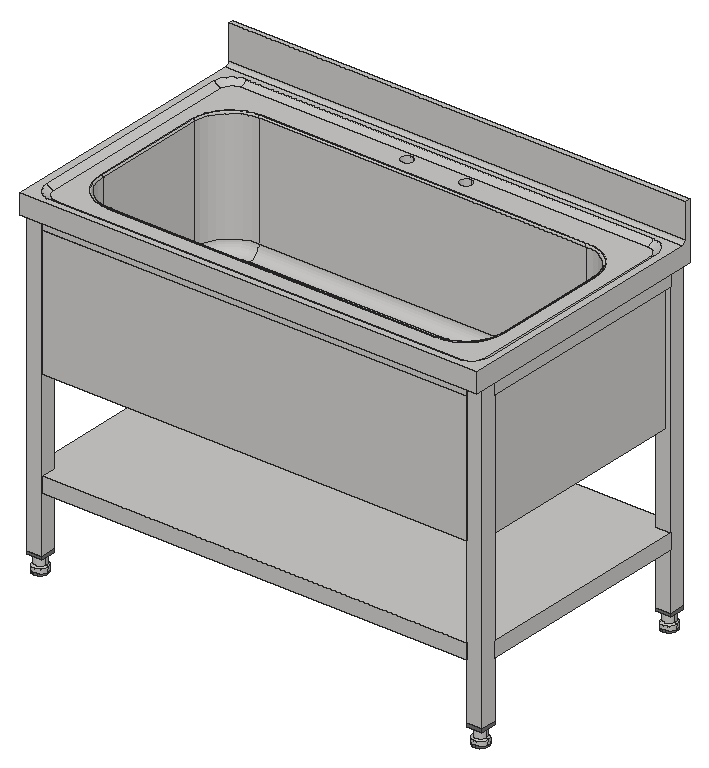
Revit family "QF_ELECTROLUXPROFESSIONAL_134121_LSGVLP1201", category Attrezzature speciali, Revit 2020
Family settings
  Quota connettore circolare = Usa diametro
  Tipo di parte = Normale
  Basato su piano di lavoro = No
  Sempre verticale = Sì
  Taglio con vuoti quando caricato = No
  Condiviso = No
  Punto di calcolo locali = No
Parameters (values of type "Standard")
  Weight = 34.00 kg
  Watts = 0 W
  Volts = 0 V
  URL Manufacturer = "https://www.electroluxprofessional.com/"
  URL = "https://www.electroluxprofessional.com/"
  Steam Supply Size = 0 mm
  Steam Supply Minimum Pressure = 0.0 Pa
  Steam Supply Maximum Pressure = 0.0 Pa
  Steam Consumption per Hour = 0
  Refrigeration Suction Line Size = 0.0 mm
  Refrigeration Liquid Line Size = 0.0 mm
  Refrigerant Compressor Remote = yes
  Prospetto di default = 0.0 mm
  Phase = 0
  Modello = "LSGVLP1201"
  Produttore = "Electrolux Professional"
  Length Actual = 1200.0 mm  # constant formula
  Item Number = "134121"
  Hot Water Size = 0 mm
  Height Actual = 1000.0 mm  # constant formula
  HP = "0 HP"
  Gas Size = 0 mm
  Gas KW = 0
  Gas Input Pressure = 0 W
  Direct Waste Size = 0 mm
  Descrizione = "SOAKING SINK UNIT 1 BOWL 1200 MM+SHELF"
  Depth Actual = 700.0 mm  # constant formula
  Cycle = 0 Hz
  Condensate Return Size = 0 mm
  Compressed Air Volume = 0.0 L/s
  Compressed Air Size = 0 mm
  Compressed Air Pressure = 0.0 Pa
  Cold Water Size = 0 mm
  Accessory = yes
Reference planes
  plane 1 "Center (Front/Back)": y = 0
  plane 2: z = 0
  plane 3 "Center (Left/Right)": x = 200
  plane 4 "LEFT": x = -400
  plane 5 "RIGHT": x = 800
  plane 6 "BACK": y = 350
  plane 7 "FRONT": y = -350
  plane 8 "Base": z = 850
  plane 9 "TOP": z = 900
  plane 10 "Sink_Base": z = 558
  plane 11: z = 441
  plane 12 "PlaneGrid": z = 890
  plane 13: y = 127
  plane 14: y = 270
  plane 15: x = 122.5
  plane 16: x = 277.5
  plane 17: x = 650
Forms (mm)
  Extrusion 1, solid, material "QF_Finishes_Stainless Steel"
    sketch origin (200, 0, 0) x (0, 1, 0) y (0, 0, 1)
      loop
        line (-350, 850) -> (350, 850) -> (350, 1000) -> (337, 1000) -> (337, 910)
        arc (337, 910) -> (334.071, 902.929) -> (327, 900) r 10
        line (327, 900) -> (-350, 900) -> (-350, 850)
    from 600 to -600
  Extrusion 2, void
    sketch origin (50, -5.4, 558) x (0, -1, 0) y (1, 0, 0)
      loop
        circle (-132.4, 600) r 28
    from 32.343 to -63.145
  Revolve 3, solid, material "QF_Finishes_White"
    sketch origin (650, -5.4, 0) x (0, -1, 0) y (0, 0, 1)
      loop
        line (-148.9, 542.617) -> (-148.9, 528.5) -> (-147.4, 528.5) -> (-147.4, 543.449) -> (-158.958, 550.671) -> (-158.958, 558) -> (-160.458, 558) -> (-160.458, 549.84) -> (-148.9, 542.617)
      axis (-132.4, 558) -> (-132.4, 528.5)
    angle from 0 to 360
  Extrusion 4, void
    sketch origin (-6.5, 18.8, 558) x (0, -1, 0) y (1, 0, 0)
      loop
        circle (-251.2, 129) r 16
      loop
        circle (-251.2, 284) r 16
    from 342 to 275.381
  Extrusion 5, void
    sketch origin (-5, 0, 900) x (0, 1, 0) y (-1, 0, 0)
      loop
        arc (227.4, 225) -> (198.111, 295.711) -> (127.4, 325) r 100
        line (127.4, 325) -> (-173, 325)
        arc (-173, 325) -> (-243.711, 295.711) -> (-273, 225) r 100
        line (-273, 225) -> (-273, -635)
        arc (-273, -635) -> (-243.711, -705.711) -> (-173, -735) r 100
        line (-173, -735) -> (127.4, -735)
        arc (127.4, -735) -> (198.111, -705.711) -> (227.4, -635) r 100
        line (227.4, -635) -> (227.4, 225)
    from 0 to -50
  Extrusion 6, solid, material "QF_Finishes_Stainless Steel"
    sketch origin (-5, 0, 558) x (0, -1, 0) y (1, 0, 0)
      loop
        arc (-192.4, -225) -> (-173.362, -270.962) -> (-127.4, -290) r 65
        line (-127.4, -290) -> (173, -290)
        arc (173, -290) -> (218.962, -270.962) -> (238, -225) r 65
        line (238, -225) -> (238, 635)
        arc (238, 635) -> (218.962, 680.962) -> (173, 700) r 65
        line (173, 700) -> (-127.4, 700)
        arc (-127.4, 700) -> (-173.362, 680.962) -> (-192.4, 635) r 65
        line (-192.4, 635) -> (-192.4, -225)
    from 0 to 1.5
  Sweep 7, solid, material "QF_Finishes_Stainless Steel"
    path origin (-4.99, 0, 900) x (0, 1, 0) y (-1, 0, 0)
      loop
        line (227.4, -634.99) -> (227.4, 225.01)
        arc (227.4, 225.01) -> (198.111, 295.721) -> (127.4, 325.01) r 100
        line (127.4, 325.01) -> (-173, 325.01)
        arc (-173, 325.01) -> (-243.711, 295.721) -> (-273, 225.01) r 100
        line (-273, 225.01) -> (-273, -634.99)
        arc (-273, -634.99) -> (-243.711, -705.701) -> (-173, -734.99) r 100
        line (-173, -734.99) -> (127.4, -734.99)
        arc (127.4, -734.99) -> (198.111, -705.701) -> (227.4, -634.99) r 100
    profile origin (200, 227.4, 900) x (0, -1, 0) y (0, 0, 1)
      loop
        arc (5, -15) -> (3.536, -11.464) -> (0, -10) r 5
        line (0, -10) -> (0, -11.5)
        arc (0, -11.5) -> (2.475, -12.525) -> (3.5, -15) r 3.5
        line (3.5, -15) -> (3.5, -310.5)
        arc (3.5, -310.5) -> (12.726, -332.774) -> (35, -342) r 31.5
        line (35, -342) -> (35, -340.5)
        arc (35, -340.5) -> (13.787, -331.713) -> (5, -310.5) r 30
        line (5, -310.5) -> (5, -15)
  Blend 8, void
    base sketch origin (-4.99, 0, 900) x (0, 1, 0) y (-1, 0, 0)
      loop
        arc (312.974, 329.865) -> (298.986, 363.636) -> (265.215, 377.624) r 47.76
        line (265.215, 377.624) -> (-284.987, 377.624)
        arc (-284.987, 377.624) -> (-319.177, 363.462) -> (-333.339, 329.272) r 48.352
        line (-333.339, 329.272) -> (-333.339, -739.252)
        arc (-333.339, -739.252) -> (-319.177, -773.442) -> (-284.987, -787.604) r 48.352
        line (-284.987, -787.604) -> (265.215, -787.604)
        arc (265.215, -787.604) -> (298.986, -773.616) -> (312.974, -739.845) r 47.76
        line (312.974, -739.845) -> (312.974, 329.865)
    top sketch origin (-4.99, 0, 900) x (0, 1, 0) y (-1, 0, 0)
      loop
        arc (294.321, 330.31) -> (285.645, 351.255) -> (264.7, 359.931) r 29.621
        line (264.7, 359.931) -> (-285.3, 359.931)
        arc (-285.3, 359.931) -> (-306.245, 351.255) -> (-314.921, 330.31) r 29.621
        line (-314.921, 330.31) -> (-314.921, -740.29)
        arc (-314.921, -740.29) -> (-306.245, -761.235) -> (-285.3, -769.911) r 29.621
        line (-285.3, -769.911) -> (264.7, -769.911)
        arc (264.7, -769.911) -> (285.645, -761.235) -> (294.321, -740.29) r 29.621
        line (294.321, -740.29) -> (294.321, 330.31)
    from 0 to -10
Cuts and joins
  Extrusion 4, Extrusion 5, Blend 8 cuts Extrusion 1
  Extrusion 2 cuts Extrusion 6
  joined: Extrusion 6, Sweep 7
Lines and regions (mm)
  symbolic lines
    curve 1: line (800, 350, 900) -> (-400, 350, 900)
    curve 2: line (-400, 350, 900) -> (-400, -349.6, 900)
    curve 3: line (-400, -349.6, 900) -> (800, -349.6, 900)
    curve 4: line (800, -349.6, 900) -> (800, 350, 900)
    curve 5: line (800, 337.4, 900) -> (-400, 337.4, 900)
    curve 6: arc (-382.614, 265.215, 900) -> (-368.626, 298.986, 900) -> (-334.855, 312.974, 900) r 47.76
    curve 7: arc (-335.3, 294.321, 900) -> (-356.245, 285.645, 900) -> (-364.921, 264.7, 900) r 29.621
    curve 8: line (-334.855, 312.974, 900) -> (734.855, 312.974, 900)
    curve 9: line (735.3, 294.321, 900) -> (-335.3, 294.321, 900)
    curve 10: arc (764.921, 264.7, 900) -> (756.245, 285.645, 900) -> (735.3, 294.321, 900) r 29.621
    curve 11: arc (734.855, 312.974, 900) -> (768.626, 298.986, 900) -> (782.614, 265.215, 900) r 47.76
    curve 12: line (782.614, 265.215, 900) -> (782.614, -284.987, 900)
    curve 13: line (764.921, -285.3, 900) -> (764.921, 264.7, 900)
    curve 14: line (-364.921, 264.7, 900) -> (-364.921, -285.3, 900)
    curve 15: line (-382.614, -284.987, 900) -> (-382.614, 265.215, 900)
    curve 16: arc (-334.262, -333.339, 900) -> (-368.452, -319.177, 900) -> (-382.614, -284.987, 900) r 48.352
    curve 17: arc (-364.921, -285.3, 900) -> (-356.245, -306.245, 900) -> (-335.3, -314.921, 900) r 29.621
    curve 18: line (-335.3, -314.921, 900) -> (735.3, -314.921, 900)
    curve 19: line (734.262, -333.339, 900) -> (-334.262, -333.339, 900)
    curve 20: arc (782.614, -284.987, 900) -> (768.452, -319.177, 900) -> (734.262, -333.339, 900) r 48.352
    curve 21: arc (735.3, -314.921, 900) -> (756.245, -306.245, 900) -> (764.921, -285.3, 900) r 29.621
    curve 22: arc (-230, 227.4, 900) -> (-300.711, 198.111, 900) -> (-330, 127.4, 900) r 100
    curve 23: line (630, 227.4, 900) -> (-230, 227.4, 900)
    curve 24: line (-330, 127.4, 900) -> (-330, -173, 900)
    curve 25: arc (-330, -173, 900) -> (-300.711, -243.711, 900) -> (-230, -273, 900) r 100
    curve 26: line (-230, -273, 900) -> (630, -273, 900)
    curve 27: arc (630, -273, 900) -> (700.711, -243.711, 900) -> (730, -173, 900) r 100
    curve 28: line (730, -173, 900) -> (730, 127.4, 900)
    curve 29: arc (730, 127.4, 900) -> (700.711, 198.111, 900) -> (630, 227.4, 900) r 100
    curve 30: circle (122.5, 270, 900) r 16 normal (0, 0, 1)
    curve 31: circle (277.5, 270, 900) r 16 normal (0, 0, 1)
Dimensions and locks
  plane 4 "LEFT" to plane 5 "RIGHT" = 1200.0 mm
  equal spacing: plane 4 "LEFT", plane 3 "Center (Left/Right)", plane 5 "RIGHT"
  locked: plane 8 "Base" to level at 850
  locked: Extrusion 1 to level at 1000
  plane 9 "TOP" to level = 900.0 mm
  plane 6 "BACK" to plane 7 "FRONT" = 700.0 mm
  equal spacing: plane 6 "BACK", plane 1 "Center (Front/Back)", plane 7 "FRONT"
  plane 10 "Sink_Base" to level = 558.0 mm
  plane 11 to level = 441.0 mm
  locked: plane 6 "BACK" to plane 13 at 223
  locked: plane 6 "BACK" to plane 14 at 80
  locked: plane 15 to plane 16 at 155
  locked: plane 17 to plane 5 "RIGHT" at 150
  aligned and locked: level to plane 2
  aligned and locked: Extrusion 1 to plane 4 "LEFT"
  aligned and locked: plane 5 "RIGHT" to Extrusion 1
  aligned and locked: curve 2 to plane 4 "LEFT"
Automatic sketch dimensions
  Extrusion 1 sketch curve to plane 7 "FRONT" = 0.0 mm
  Extrusion 1 sketch curve to plane 9 "TOP" = 0.0 mm
  Extrusion 1 sketch curve to plane 6 "BACK" = 0.0 mm
  Extrusion 1 sketch curve to plane 8 "Base" = 0.0 mm
  plane 9 "TOP" to Extrusion 1 sketch curve = 10.0 mm
  Extrusion 1 sketch curve to plane 6 "BACK" = 23.0 mm
  Extrusion 1 sketch curve to Extrusion 1 sketch curve = 90.0 mm
  plane 10 "Sink_Base" to Revolve 3 sketch curve = 0.0 mm
  Revolve 3 sketch curve to Revolve 3 sketch curve = 1.5 mm  (x2)
  plane 10 "Sink_Base" to Revolve 3 sketch curve = 7.329 mm
  Revolve 3 sketch curve to Revolve 3 sketch curve = 10.058 mm
  Revolve 3 sketch curve to Revolve 3 sketch curve = 0.831 mm  (x2)
  Revolve 3 sketch curve to Revolve 3 sketch curve = 7.222 mm
  Revolve 3 sketch curve to Revolve 3 sketch curve = 14.117 mm
  Revolve 3 sketch curve to Revolve 3 sketch curve = 24.0 mm
  Revolve 3 sketch curve to plane 10 "Sink_Base" = 26.5 mm
  curve 3 to plane 5 "RIGHT" = 0.0 mm
  curve 2 to plane 6 "BACK" = 0.0 mm
  plane 7 "FRONT" to Blend 8 sketch curve = 64.7 mm
  Blend 8 sketch curve to Blend 8 sketch curve = 29.621 mm  (x3)
  Blend 8 sketch curve to plane 5 "RIGHT" = 64.7 mm
  plane 4 "LEFT" to Blend 8 sketch curve = 64.7 mm
  plane 7 "FRONT" to Blend 8 sketch curve = 16.661 mm
  plane 4 "LEFT" to Blend 8 sketch curve = 17.386 mm
  plane 7 "FRONT" to Blend 8 sketch curve = 65.013 mm  (x2)
  Blend 8 sketch curve to plane 5 "RIGHT" = 17.386 mm
  Blend 8 sketch curve to Blend 8 sketch curve = 47.76 mm
  Sweep 7 sketch curve to Sweep 7 sketch curve = 0.0 mm  (x4)
  Sweep 7 sketch curve to profile plane = 0.0 mm
  Sweep 7 sketch curve to profile plane = 3.5 mm
  Sweep 7 sketch curve to Sweep 7 sketch curve = 1.5 mm
  Sweep 7 sketch curve to Sweep 7 sketch curve = 30.0 mm
  Sweep 7 sketch curve to profile plane = 342.0 mm
  Sweep 7 sketch curve to profile plane = 15.0 mm
  plane 7 "FRONT" to Sweep 7 sketch curve = 77.0 mm
  Sweep 7 sketch curve to Sweep 7 sketch curve = 100.0 mm  (x3)
  plane 4 "LEFT" to Sweep 7 sketch curve = 170.0 mm
  Extrusion 6 sketch curve to Extrusion 6 sketch curve = 65.0 mm  (x2)
  plane 4 "LEFT" to Extrusion 6 sketch curve = 170.0 mm
  plane 1 "Center (Front/Back)" to Extrusion 6 sketch curve = 173.0 mm  (x2)
  Extrusion 2 sketch curve to plane 5 "RIGHT" = 150.0 mm
  Extrusion 6 sketch curve to plane 5 "RIGHT" = 170.0 mm
  Sweep 7 sketch curve to plane 5 "RIGHT" = 170.0 mm
  Blend 8 sketch curve to plane 6 "BACK" = 84.785 mm  (x2)
  Blend 8 sketch curve to plane 6 "BACK" = 85.3 mm  (x2)
  Extrusion 2 sketch curve to plane 13 = 0.0 mm
  Revolve 3 sketch curve to plane 13 = 28.058 mm
  Revolve 3 sketch curve to plane 13 = 0.0 mm
  Extrusion 6 sketch curve to plane 13 = 0.4 mm  (x2)
  Sweep 7 sketch curve to plane 13 = 0.4 mm  (x2)
  Extrusion 4 sketch curve to plane 14 = 0.0 mm  (x2)
  Extrusion 4 sketch curve to plane 15 = 0.0 mm
  Extrusion 4 sketch curve to plane 16 = 0.0 mm
  plane 7 "FRONT" to curve 3 = 0.4 mm
  curve 5 to plane 6 "BACK" = 12.6 mm
  curve 7 to plane 14 = 5.3 mm
  curve 7 to curve 6 = 0.515 mm
  curve 8 to plane 6 "BACK" = 37.026 mm
  plane 4 "LEFT" to curve 8 = 65.145 mm
  curve 6 to curve 7 = 0.445 mm
  curve 7 to curve 6 = 18.653 mm
  curve 8 to plane 5 "RIGHT" = 65.145 mm
  curve 9 to curve 8 = 0.445 mm
  curve 10 to plane 14 = 5.3 mm
  curve 10 to curve 11 = 0.515 mm
  curve 13 to curve 12 = 0.313 mm
  plane 7 "FRONT" to curve 14 = 64.7 mm
  curve 14 to curve 15 = 0.313 mm
  curve 16 to curve 14 = 30.659 mm
  curve 16 to curve 17 = 1.038 mm
  curve 13 to curve 18 = 29.621 mm
  curve 22 to plane 13 = 0.4 mm
  curve 23 to plane 14 = 42.6 mm
  curve 22 to curve 6 = 104.855 mm
  curve 16 to curve 24 = 111.987 mm
  curve 25 to curve 24 = 100.0 mm
  curve 28 to plane 13 = 0.4 mm
  Extrusion 5 sketch curve to plane 13 = 0.4 mm  (x2)
  Extrusion 5 sketch curve to plane 14 = 42.6 mm
  Extrusion 5 sketch curve to Extrusion 5 sketch curve = 100.0 mm
  plane 1 "Center (Front/Back)" to Extrusion 5 sketch curve = 173.0 mm
  plane 4 "LEFT" to Extrusion 5 sketch curve = 170.0 mm
  curve 26 to curve 27 = 100.0 mm
  curve 28 to plane 5 "RIGHT" = 70.0 mm
  plane 7 "FRONT" to Extrusion 5 sketch curve = 77.0 mm
  Extrusion 5 sketch curve to plane 5 "RIGHT" = 170.0 mm
  radius of Extrusion 2 sketch curve = 28.0 mm
  radius of Extrusion 4 sketch curve = 16.0 mm  (x2)
Nested families
  nested 1: "TAV_W1200B_CASSH_LOWSHELF" at (50, 0, 0), type "TAV_W1200B_CASSH_LOWSHELF"
Connectors
  piping at (650, 127, 528.5), diameter 30
    settings: on Revolve 3, index 1, connector inside diameter 609.6 mm, connector length 0.0 mm, flow factor 0, pipe flow 0.0 L/s, pressure drop 0.0 Pa, fitting loss kfactor 0, connector angle 0.00°, fixture units 0, engagement length 0.0 mm, angle of deflection 0.00°, flow configuration 1, flow direction 2, fitting loss method 0, system type 16, joint type 0, gender type 0, connector reference index -1, connector utility 0, adjustable connector no, is connector primary yes, connector description "Drain 2"
Definition of nested family "TAV_W1200B_CASSH_LOWSHELF"
  Parameters
    Default Elevation = 0.0 mm
    Model = "TAV_W1200B_CASSH_LOWSHELF"
    Manufacturer = "Electrolux Professional"
    Description = ""
  Reference planes
    plane 1 "Center (Front/Back)": y = 0
    plane 2: z = 0
    plane 3 "Center (Left/Right)": x = 150
    plane 4 "LEFT": x = -450
    plane 5 "RIGHT": x = 750
    plane 6 "BACK": y = 350
    plane 7 "FRONT": y = -350
    plane 8 "Base": z = 850
    plane 9 "TOP": z = 900
    plane 10: x = -429
    plane 11: x = 729
    plane 12: y = 310
    plane 13: y = -310
    plane 14 "RIPIANO": z = 200
  Forms (mm)
    Extrusion 1, solid
      sketch origin (0, 0.5, 850) x (0, 1, 0) y (-1, 0, 0)
        loop
          line (289.5, 434.5) -> (-290.5, 434.5) -> (-290.5, 433) -> (289.5, 433) -> (289.5, 434.5)
        loop
          line (-290.5, -734.5) -> (289.5, -734.5) -> (289.5, -733) -> (-290.5, -733) -> (-290.5, -734.5)
        loop
          line (-330.5, 409) -> (-330.5, -709) -> (-329, -709) -> (-329, 409) -> (-330.5, 409)
      from -30 to -370
    Extrusion 2, solid
      sketch origin (0, 0, 200) x (0, 1, 0) y (-1, 0, 0)
        loop
          line (-290, 449) -> (-290, 409) -> (-330, 409) -> (-330, -709) -> (-290, -709) -> (-290, -749) -> (290, -749) -> (290, -709) -> (330, -709) -> (330, 409) -> (290, 409) -> (290, 449) -> (-290, 449)
      from 0 to 40
    Extrusion 3, solid
      sketch origin (-4.534, 0, 850) x (0, 1, 0) y (-1, 0, 0)
        loop
          line (-330, 404.466) -> (-330, -713.534) -> (-290.006, -713.534) -> (-290.006, 404.466) -> (-330, 404.466)
        loop
          line (330, 404.466) -> (290, 404.466) -> (290, -713.534) -> (330, -713.534) -> (330, 404.466)
      from 0 to -30
    Extrusion 4, solid
      sketch origin (-4.534, 0, 850) x (0, 1, 0) y (-1, 0, 0)
        loop
          line (-290.006, 444.466) -> (-290.006, 404.466) -> (290, 404.466) -> (290, 444.466) -> (-290.006, 444.466)
        loop
          line (-290.006, -753.534) -> (290, -753.534) -> (290, -713.534) -> (-290.006, -713.534) -> (-290.006, -753.534)
      from 0 to -30
  Lines and regions (mm)
    symbolic lines, detail levels coarse
      curve 1: line (-450, 350, 200) -> (750, 350, 200)
      curve 2: line (-450, -350, 200) -> (-450, 350, 200)
      curve 3: line (750, -350, 200) -> (-450, -350, 200)
      curve 4: line (750, 350, 200) -> (750, -350, 200)
  Dimensions and locks
    plane 4 "LEFT" to plane 5 "RIGHT" = 1200.0 mm
    equal spacing: plane 4 "LEFT", plane 3 "Center (Left/Right)", plane 5 "RIGHT"
    locked: plane 8 "Base" to level at 850
    plane 4 "LEFT" to plane 10 = 21.0 mm
    plane 11 to plane 5 "RIGHT" = 21.0 mm
    plane 9 "TOP" to level = 900.0 mm
    plane 6 "BACK" to plane 12 = 40.0 mm
    plane 13 to plane 7 "FRONT" = 40.0 mm
    plane 6 "BACK" to plane 7 "FRONT" = 700.0 mm
    plane 12 to plane 13 = 620.0 mm
    equal spacing: plane 6 "BACK", plane 1 "Center (Front/Back)", plane 7 "FRONT"
    plane 14 "RIPIANO" to level = 200.0 mm
    plane 2 to plane 14 "RIPIANO" to plane 8 "Base" = 200.0 mm, 650.0 mm
    aligned and locked: level to plane 2
    aligned and locked: plane 10 to nested 1
    aligned and locked: nested 1 to plane 13
    aligned and locked: plane 11 to nested 2
    aligned and locked: nested 2 to plane 13
    aligned and locked: plane 11 to nested 4
    aligned and locked: nested 4 to plane 12
    aligned and locked: plane 10 to nested 3
    aligned and locked: nested 3 to plane 12
    aligned and locked: Extrusion 1 to Extrusion 3
    aligned and locked: Extrusion 1 sketch curve to Extrusion 3
    aligned and locked: Extrusion 3 to Extrusion 1 sketch curve
    aligned and locked: Extrusion 2 sketch curve to Extrusion 3  (x4)
    aligned and locked: Extrusion 2 sketch curve to Extrusion 4  (x2)
    aligned and locked: Extrusion 1 sketch curve to Extrusion 4
  Automatic sketch dimensions
    plane 7 "FRONT" to Extrusion 1 sketch curve = 20.0 mm
    Extrusion 1 sketch curve to Extrusion 1 sketch curve = 1.5 mm  (x3)
    plane 13 to Extrusion 1 sketch curve = 20.0 mm  (x2)
    Extrusion 1 sketch curve to plane 12 = 20.0 mm
    Extrusion 1 sketch curve to plane 5 "RIGHT" = 17.0 mm
    plane 4 "LEFT" to Extrusion 1 sketch curve = 17.0 mm
    plane 7 "FRONT" to Extrusion 2 sketch curve = 20.0 mm
    plane 13 to Extrusion 2 sketch curve = 20.0 mm  (x2)
    Extrusion 2 sketch curve to plane 12 = 20.0 mm  (x2)
    plane 12 to Extrusion 2 sketch curve = 20.0 mm
    plane 7 "FRONT" to Extrusion 3 sketch curve = 20.0 mm
    plane 13 to Extrusion 3 sketch curve = 19.994 mm
    Extrusion 3 sketch curve to plane 12 = 20.0 mm
    plane 12 to Extrusion 3 sketch curve = 20.0 mm
    curve 3 to plane 4 "LEFT" = 0.0 mm
    curve 3 to plane 7 "FRONT" = 0.0 mm
    curve 2 to plane 6 "BACK" = 0.0 mm
    curve 1 to plane 5 "RIGHT" = 0.0 mm
    plane 13 to Extrusion 4 sketch curve = 19.994 mm  (x2)
    Extrusion 4 sketch curve to plane 12 = 20.0 mm  (x2)
    Extrusion 4 sketch curve to plane 5 "RIGHT" = 1.0 mm
    plane 4 "LEFT" to Extrusion 4 sketch curve = 1.0 mm
    plane 10 to Extrusion 3 sketch curve = 20.0 mm  (x2)
    plane 10 to Extrusion 4 sketch curve = 20.0 mm
    Extrusion 3 sketch curve to plane 11 = 20.0 mm  (x2)
    Extrusion 4 sketch curve to plane 11 = 20.0 mm
  Nested families
    nested 1: "FEET_40x40B_TAV" at (-429, -310, 0), type "FEET_40x40B_TAV"
    nested 2: "FEET_40x40B_TAV" at (729, -310, 0), type "FEET_40x40B_TAV"
    nested 3: "FEET_40x40B_TAV" at (-429, 310, 0), type "FEET_40x40B_TAV"
    nested 4: "FEET_40x40B_TAV" at (729, 310, 0), type "FEET_40x40B_TAV"
  Definition of nested family "FEET_40x40B_TAV"
    Parameters
      Default Elevation = 0.0 mm
      FEET = 850.0 mm
    Reference planes
      plane 1 "Center (Front/Back)": y = 0
      plane 2: z = 0
      plane 3 "Center (Left/Right)": x = 0
      plane 4: z = 850
    Forms (mm)
      Extrusion 1, solid
        sketch origin (0, 0, 0) x (1, 0, 0) y (0, 1, 0)
          loop
            line (-20, -20) -> (20, -20) -> (20, 20) -> (-20, 20) -> (-20, -20)
        from 50 to 850
      Extrusion 2, solid
        sketch origin (0, 0, 0) x (1, 0, 0) y (0, 1, 0)
          loop
            circle (0, 0) r 20
        from 0 to 5
      Extrusion 3, solid
        sketch origin (0, 0, 0) x (1, 0, 0) y (0, 1, 0)
          loop
            line (-20, -20) -> (20, -20) -> (20, 20) -> (-20, 20) -> (-20, -20)
        from 50 to 42
      Revolve 4, solid
        sketch origin (0, 0, 0) x (1, 0, 0) y (0, 0, 1)
          loop
            line (0, 42) -> (-15, 42) -> (-15, 20) -> (-20, 15) -> (-20, 5) -> (0, 5) -> (0, 42)
          axis (0, 42) -> (0, 5)
        angle from 0 to 360
    Lines and regions (mm)
      symbolic lines
        curve 1: line (0, -1.503, 0) -> (0, 1.508, 0)
        curve 2: line (1.561, 0, 0) -> (-1.439, 0, 0)
    Dimensions and locks
      "FEET": plane 4 to plane 2
      aligned and locked: level to plane 2
    Automatic sketch dimensions
      plane 1 "Center (Front/Back)" to curve 2 = 0.0 mm
      curve 1 to plane 3 "Center (Left/Right)" = 0.0 mm
      curve 2 to plane 3 "Center (Left/Right)" = 1.439 mm
      plane 3 "Center (Left/Right)" to curve 2 = 1.561 mm
      plane 1 "Center (Front/Back)" to curve 1 = 1.503 mm
      curve 1 to plane 1 "Center (Front/Back)" = 1.508 mm
      Extrusion 1 sketch curve to plane 3 "Center (Left/Right)" = 20.0 mm
      plane 3 "Center (Left/Right)" to Extrusion 1 sketch curve = 20.0 mm
      plane 1 "Center (Front/Back)" to Extrusion 1 sketch curve = 20.0 mm
      Extrusion 1 sketch curve to plane 1 "Center (Front/Back)" = 20.0 mm
      plane 1 "Center (Front/Back)" to Extrusion 2 sketch curve = 0.0 mm
      Extrusion 2 sketch curve to plane 3 "Center (Left/Right)" = 0.0 mm
      Extrusion 3 sketch curve to plane 3 "Center (Left/Right)" = 20.0 mm
      plane 3 "Center (Left/Right)" to Extrusion 3 sketch curve = 20.0 mm
      plane 1 "Center (Front/Back)" to Extrusion 3 sketch curve = 20.0 mm
      Extrusion 3 sketch curve to plane 1 "Center (Front/Back)" = 20.0 mm
      Revolve 4 sketch curve to plane 3 "Center (Left/Right)" = 0.0 mm  (x2)
      Revolve 4 sketch curve to plane 3 "Center (Left/Right)" = 15.0 mm
      Revolve 4 sketch curve to Revolve 4 sketch curve = 5.0 mm  (x3)
      level to Revolve 4 sketch curve = 5.0 mm
      Revolve 4 sketch curve to Revolve 4 sketch curve = 10.0 mm
      Revolve 4 sketch curve to Revolve 4 sketch curve = 22.0 mm
      Revolve 4 sketch curve to level = 9.561 mm
      radius of Extrusion 2 sketch curve = 20.0 mm
